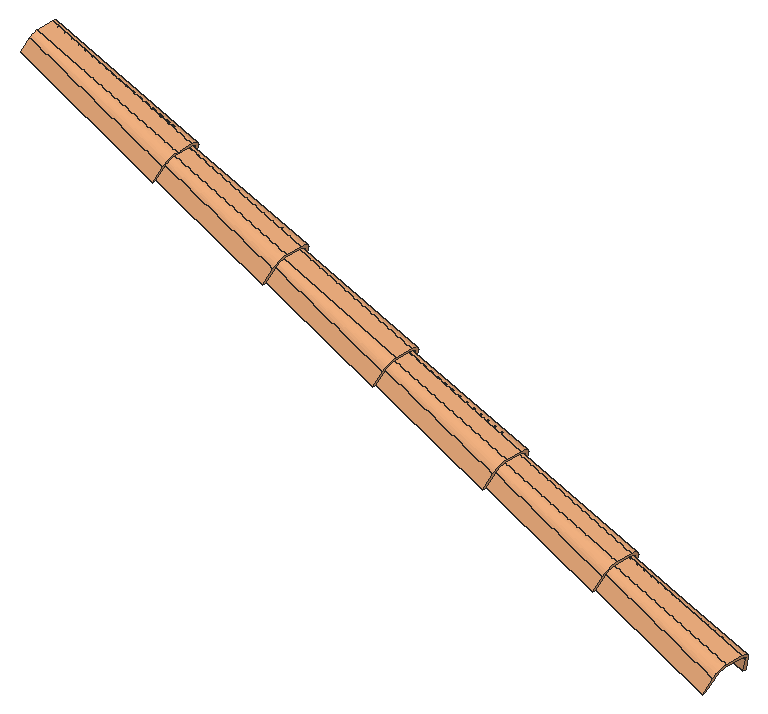
Revit family "Telha_Romana_2pontos", category Modelos genéricos, Revit 2014
Parameters (values of type "Padrão")
  URL = "http://www.onboxdesign.com.br/"
  Model = ""
  Descrição = "Created by Thiago Almeida"
Reference planes
  plane 1 "Center (Front/Back)": y = 0
  plane 2 "Center (Left/Right)": x = 0
Lines and regions (mm)
  reference lines
    curve 1: line (2520, -60, -1151.52) -> (0, 0, 0)
  sketch lines
    curve 2: line (2520, -60, -1151.52) -> (0, 0, 0)
Dimensions and locks
  aligned and locked: plane 2 "Center (Left/Right)" to reference point
  aligned and locked: plane 1 "Center (Front/Back)" to reference point
Nested families
  nested 1: "Telha_romana_padrao" at (927.348, -22.08, -423.754) x (0.9661, -0.2582, 0) z (0, 0, 1), type "ridge_pattern"
    with ridge_material Spanish_roof, offset 191.92 mm, l 461.88 mm, h 191.92 mm, angle 24.552°
  nested 2: "Telha_romana_padrao" at (507.348, -12.08, -231.834) x (0.9661, -0.2582, 0) z (0, 0, 1), type "ridge_pattern"
    with ridge_material Spanish_roof, offset 191.92 mm, l 461.88 mm, h 191.92 mm, angle 24.552°
  nested 3: "Telha_romana_padrao" at (87.348, -2.08, -39.914) x (0.9661, -0.2582, 0) z (0, 0, 1), type "ridge_pattern"
    with ridge_material Spanish_roof, offset 191.92 mm, l 461.88 mm, h 191.92 mm, angle 24.552°
  nested 4: "Telha_romana_padrao" at (-332.652, 7.92, 152.006) x (0.9661, -0.2582, 0) z (0, 0, 1), type "ridge_pattern"
    with ridge_material Spanish_roof, offset 191.92 mm, l 461.88 mm, h 191.92 mm, angle 24.552°
  nested 5: "Telha_romana_padrao" at (1347.348, -32.08, -615.674) x (0.9661, -0.2582, 0) z (0, 0, 1), type "ridge_pattern"
    with ridge_material Spanish_roof, offset 191.92 mm, l 461.88 mm, h 191.92 mm, angle 24.552°
  nested 6: "Telha_romana_padrao" at (1767.348, -42.08, -807.594) x (0.9661, -0.2582, 0) z (0, 0, 1), type "ridge_pattern"
    with ridge_material Spanish_roof, offset 191.92 mm, l 461.88 mm, h 191.92 mm, angle 24.552°
Definition of nested family "Telha_romana_padrao"
  Parameters (values of type "ridge_pattern")
    ridge_material [instance] = none
    offset [instance] = h  # 524.85 mm
    l [instance] = 1193.525 mm
    h [instance] = 524.85 mm
    angle [instance] = asin(h / l)  # 26.0878°
    URL = "http://www.onboxdesign.com.br/"
    Description = "Created by Thiago Almeida"
    Default Elevation = 1219.2 mm
  Reference planes
    plane 1 "Center (Front/Back)": y = 0
    plane 2 "Center (Left/Right)": x = 0
  Lines and regions (mm)
    reference lines
      curve 1: line (0, 0, 0) -> (530.661, 931.361, -524.85)
  Dimensions and locks
    "h": reference point to reference point
    "l": reference point to reference point
  Automatic sketch dimensions
    reference point to level = 0 mm
    reference point to plane 2 "Center (Left/Right)" = 0 mm
    reference point to level = 524.85 mm
    plane 2 "Center (Left/Right)" to reference point = 530.661 mm
  Nested families
    nested 1: "ridge_facebased" at (527.465, 933.861, -523.644) x (0.2177, 0.3821, 0.8981) z (-0.4446, -0.7803, 0.4397), type "ridge_facebased"
      with angle 30.00°
  Definition of nested family "ridge_facebased"
    Parameters (values of type "ridge_facebased")
      angle [instance] = 30.00°
      URL = "http://www.youtube.com/user/PLEVIT1"
      Material = Cerâmica
      Description = "Created by HyunWoo Kim"
      Default Elevation = 1219.2 mm
    Reference planes
      plane 1 "Center (Front/Back)": y = 0
      plane 2: z = 0
      plane 3 "Center (Left/Right)": x = 0
    Forms (mm)
      Extrusion 1, solid
        sketch origin (0, 0, 0) x (1, 0, 0) y (0, 1, 0)
          loop
            line (-1219.2, 1219.2) -> (-1219.2, -1219.2) -> (1219.2, -1219.2) -> (1219.2, 1219.2) -> (-1219.2, 1219.2)
        from 0 to -304.8
      Blend 2, solid, material "Cerâmica" <- "Material"
        base sketch origin (-25, 0, 0) x (0, -1, 0) y (1, 0, 0)
          loop
            line (-98.033, 35) -> (-87.605, 35) -> (-70.945, 91.342)
            arc (-70.945, 91.342) -> (-56.527, 112.044) -> (-32.587, 120) r 40
            line (-32.587, 120) -> (32.587, 120)
            arc (32.587, 120) -> (56.527, 112.044) -> (70.945, 91.342) r 40
            line (70.945, 91.342) -> (87.605, 35) -> (98.033, 35) -> (80.535, 94.178)
            arc (80.535, 94.178) -> (62.513, 120.056) -> (32.587, 130) r 50
            line (32.587, 130) -> (-32.587, 130)
            arc (-32.587, 130) -> (-62.513, 120.056) -> (-80.535, 94.178) r 50
            line (-80.535, 94.178) -> (-98.033, 35)
        top sketch origin (-25, 0, 0) x (0, -1, 0) y (1, 0, 0)
          loop
            arc (-32.587, 110) -> (-50.542, 104.033) -> (-61.355, 88.507) r 30
            line (-61.355, 88.507) -> (-77.177, 35) -> (-66.749, 35) -> (-53.884, 78.507)
            arc (-53.884, 78.507) -> (-43.071, 94.033) -> (-25.116, 100) r 30
            line (-25.116, 100) -> (25.116, 100)
            arc (25.116, 100) -> (43.071, 94.033) -> (53.884, 78.507) r 30
            line (53.884, 78.507) -> (66.749, 35) -> (77.177, 35) -> (61.355, 88.507)
            arc (61.355, 88.507) -> (50.542, 104.033) -> (32.587, 110) r 30
            line (32.587, 110) -> (-32.587, 110)
        from 0 to 575
    Dimensions and locks
      aligned and locked: plane 2 to Extrusion 1
      aligned and locked: level to Extrusion 1
